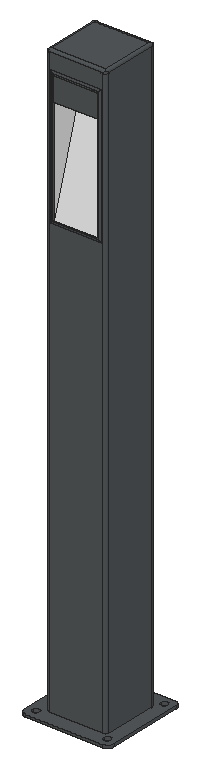
Revit family "svetilnik_alfresco_ar deko_dtu19", category Lighting Fixtures, Revit 2016 (continued)
Definition of nested family "Источник света Ар_Деко"
  Types (5, lengths in mm): name | Photometric Web File | built-in parameter 1150142
             0.0       0.0       0.0       0.0\r\n       0.0       0.0       0.0       0.0       0.0       0.1       0.1       0.1\r\n       0.2       0.2       0.2       0.2       0.2       0.2       0.2       0.2\r\n       0.2       0.2       0.2       0.2       0.2       0.2       0.2       0.2\r\n       0.2       0.2       0.2       0.2       0.2       0.2       0.2       0.2\r\n       0.2       0.2       0.2       0.2       0.2       0.2       0.2       0.2\r\n       0.2       0.2       0.2       0.2       0.2       0.2       0.2       0.2\r\n       0.2       0.2       0.2       0.2       0.2       0.2       0.2       0.2\r\n       0.2       0.2       0.2       0.2       0.2       0.2       0.2       0.2\r\n       0.2       0.2       0.2       0.2       0.2       0.2       0.2       0.2\r\n       0.2       0.2       0.2       0.2       0.2       0.2       0.2       0.2\r\n       0.2       0.2       0.2       0.2       0.2       0.2       0.2       0.2\r\n       0.2       0.2       0.2       0.2       0.2       0.2       0.2       0.2\r\n       0.2       0.2       0.2       0.2       0.2       0.2       0.2       0.2\r\n       0.2       0.2       0.2       0.2       0.2       0.2       0.2       0.2\r\n       0.2       0.2       0.2       0.2       0.2       0.2       0.2       0.2\r\n       0.2       0.2       0.2       0.2       0.2       0.2       0.2       0.2\r\n       0.2       0.2       0.2       0.2       0.2       0.2       0.2       0.2\r\n       0.2       0.2       0.2       0.2       0.2       0.2       0.2       0.2\r\n       0.2       0.2       0.2       0.2       0.2       0.2       0.2       0.2\r\n       0.2       0.2       0.2       0.2       0.2       0.2       0.2       0.2\r\n       0.2       0.2       0.2       0.2       0.2       0.2       0.2       0.2\r\n       0.1       0.1       0.1       0.1       0.1       0.1       0.0       0.0\r\n       0.0       0.0       0.0       0.0       0.0\r\n       0.0       0.0       0.0       0.0       0.1       0.1       0.1       0.1\r\n       0.2       0.2       0.2       0.2       0.2       0.2       0.2       0.2\r\n       0.2       0.2       0.2       0.2       0.2       0.2       0.2       0.2\r\n       0.2       0.2       0.2       0.2       0.2       0.2       0.2       0.2\r\n       0.2       0.2       0.2       0.2       0.2       0.2       0.2       0.2\r\n       0.2       0.2       0.2       0.2       0.2       0.2       0.2       0.2\r\n       0.2       0.2       0.2       0.2       0.2       0.2       0.2       0.2\r\n       0.2       0.2       0.2       0.2       0.2       0.2       0.2       0.2\r\n       0.2       0.2       0.2       0.2       0.2       0.2       0.2       0.2\r\n       0.2       0.2       0.2       0.2       0.2       0.2       0.2       0.2\r\n       0.2       0.2       0.2       0.2       0.2       0.2       0.2       0.2\r\n       0.2       0.2       0.2       0.2       0.2       0.2       0.2       0.2\r\n       0.2       0.2       0.2       0.2       0.2       0.2       0.2       0.2\r\n       0.2       0.2       0.2       0.2       0.2       0.2       0.2       0.2\r\n       0.2       0.2       0.2       0.2       0.2       0.2       0.2       0.2\r\n       0.2       0.2       0.2       0.2       0.2       0.2       0.2       0.2\r\n       0.2       0.2       0.2       0.2       0.2       0.2       0.2       0.2\r\n       0.2       0.2       0.2       0.2       0.2       0.2       0.2       0.2\r\n       0.2       0.2       0.2       0.2       0.2       0.2       0.2       0.2\r\n       0.2       0.2       0.2       0.2       0.2       0.2       0.2       0.2\r\n       0.2       0.2       0.2       0.2       0.2       0.2       0.2       0.2\r\n       0.1       0.1       0.1       0.1       0.1       0.1       0.0       0.0\r\n       0.0       0.0       0.0       0.0       0.0\r\n       0.0       0.0       0.0       0.0       0.1       0.1       0.1       0.1\r\n       0.2       0.2       0.2       0.2       0.2       0.2       0.2       0.2\r\n       0.2       0.2       0.2       0.2       0.2       0.2       0.2       0.2\r\n       0.2       0.2       0.2       0.2       0.2       0.2       0.2       0.2\r\n       0.2       0.2       0.2       0.2       0.2       0.2       0.2       0.2\r\n       0.2       0.2       0.2       0.2       0.2       0.2       0.2       0.2\r\n       0.2       0.2       0.2       0.2       0.2       0.2       0.2       0.2\r\n       0.2       0.2       0.2       0.2       0.2       0.2       0.2       0.2\r\n       0.2       0.2       0.2       0.2       0.2       0.2       0.2       0.2\r\n       0.2       0.2       0.2       0.2       0.2       0.2       0.2       0.2\r\n       0.2       0.2       0.2       0.2       0.2       0.2       0.2       0.2\r\n       0.2       0.2       0.2       0.2       0.2       0.2       0.2       0.2\r\n       0.2       0.2       0.2       0.2       0.2       0.2       0.2       0.2\r\n       0.2       0.2       0.2       0.2       0.2       0.2       0.2       0.2\r\n       0.2       0.2       0.2       0.2       0.2       0.2       0.2       0.2\r\n       0.2       0.2       0.2       0.2       0.2       0.2       0.2       0.2\r\n       0.2       0.2       0.2       0.2       0.2       0.2       0.2       0.2\r\n       0.2       0.2       0.2       0.2       0.2       0.2       0.2       0.2\r\n       0.2       0.2       0.2       0.2       0.2       0.2       0.2       0.2\r\n       0.2       0.2       0.2       0.2       0.2       0.2       0.2       0.2\r\n       0.2       0.2       0.2       0.2       0.2       0.2       0.2       0.2\r\n       0.2       0.2       0.1       0.1       0.1       0.1       0.0       0.0\r\n       0.0       0.0       0.0       0.0       0.0\r\n       0.0       0.0       0.0       0.0       0.1       0.1       0.1       0.1\r\n       0.2       0.2       0.2       0.2       0.2       0.2       0.2       0.2\r\n       0.2       0.2       0.2       0.2       0.2       0.2       0.2       0.2\r\n       0.2       0.2       0.2       0.2       0.2       0.2       0.2       0.2\r\n       0.2       0.2       0.2       0.2       0.2       0.2       0.2       0.2\r\n       0.2       0.2       0.2       0.2       0.2       0.2       0.2       0.2\r\n       0.2       0.2       0.2       0.2       0.2       0.2       0.2       0.2\r\n       0.2       0.2       0.2       0.2       0.2       0.2       0.2       0.2\r\n       0.2       0.2       0.2       0.2       0.2       0.2       0.2       0.2\r\n       0.2       0.2       0.2       0.2       0.2       0.2       0.2       0.2\r\n       0.2       0.2       0.2       0.2       0.2       0.2       0.2       0.2\r\n       0.2       0.2       0.2       0.2       0.2       0.2       0.2       0.2\r\n       0.2       0.2       0.2       0.2       0.2       0.2       0.2       0.2\r\n       0.2       0.2       0.2       0.2       0.2       0.2       0.2       0.2\r\n       0.2       0.2       0.2       0.2       0.2       0.2       0.2       0.2\r\n       0.2       0.2       0.2       0.2       0.2       0.2       0.2       0.2\r\n       0.2       0.2       0.2       0.2       0.2       0.2       0.2       0.2\r\n       0.2       0.2       0.2       0.2       0.2       0.2       0.2       0.2\r\n       0.2       0.2       0.2       0.2       0.2       0.2       0.2       0.2\r\n       0.2       0.2       0.2       0.2       0.2       0.2       0.2       0.2\r\n       0.2       0.2       0.2       0.2       0.2       0.2       0.2       0.2\r\n       0.2       0.2       0.1       0.1       0.1       0.1       0.0       0.0\r\n       0.0       0.0       0.0       0.0       0.0\r\n       0.0       0.0       0.0       0.1       0.1       0.1       0.1       0.1\r\n       0.2       0.2       0.2       0.2       0.2       0.2       0.2       0.2\r\n       0.2       0.2       0.2       0.2       0.2       0.2       0.2       0.2\r\n       0.2       0.2       0.2       0.2       0.2       0.2       0.2       0.2\r\n       0.2       0.2       0.2       0.2       0.2       0.2       0.2       0.2\r\n       0.2       0.2       0.2       0.2       0.2       0.2       0.2       0.2\r\n       0.2       0.2       0.2       0.2       0.2       0.2       0.2       0.2\r\n       0.2       0.2       0.2       0.2       0.2       0.2       0.2       0.2\r\n       0.2       0.2       0.2       0.2       0.2       0.2       0.2       0.2\r\n       0.2       0.2       0.2       0.2       0.2       0.2       0.2       0.2\r\n       0.2       0.2       0.2       0.2       0.2       0.2       0.2       0.2\r\n       0.2       0.2       0.2       0.2       0.2       0.2       0.2       0.2\r\n       0.2       0.2       0.2       0.2       0.2       0.2       0.2       0.2\r\n       0.2       0.2       0.2       0.2       0.2       0.2       0.2       0.2\r\n       0.2       0.2       0.2       0.2       0.2       0.2       0.2       0.2\r\n       0.2       0.2       0.2       0.2       0.2       0.2       0.2       0.2\r\n       0.2       0.2       0.2       0.2       0.2       0.2       0.2       0.2\r\n       0.2       0.2       0.2       0.2       0.2       0.2       0.2       0.2\r\n       0.2       0.2       0.2       0.2       0.2       0.2       0.2       0.2\r\n       0.2       0.2       0.2       0.2       0.2       0.2       0.2       0.2\r\n       0.2       0.2       0.2       0.2       0.2       0.2       0.2       0.2\r\n       0.2       0.2       0.1       0.1       0.1       0.1       0.0       0.0\r\n       0.0       0.0       0.0       0.0       0.0\r\n       0.0       0.0       0.0       0.1       0.1       0.1       0.1       0.1\r\n       0.2       0.2       0.2       0.2       0.2       0.2       0.2       0.2\r\n       0.2       0.2       0.2       0.2       0.2       0.2       0.2       0.2\r\n       0.2       0.2       0.2       0.2       0.2       0.2       0.2       0.2\r\n       0.2       0.2       0.2       0.2       0.2       0.2       0.2       0.2\r\n       0.2       0.2       0.2       0.2       0.2       0.2       0.2       0.2\r\n       0.2       0.2       0.2       0.2       0.2       0.2       0.2       0.2\r\n       0.2       0.2       0.2       0.2       0.2       0.2       0.2       0.2\r\n       0.2       0.2       0.2       0.2       0.2       0.2       0.2       0.2\r\n       0.2       0.2       0.2       0.2       0.2       0.2       0.2       0.2\r\n       0.2       0.2       0.2       0.2       0.2       0.2       0.2       0.2\r\n       0.2       0.2       0.2       0.2       0.2       0.2       0.2       0.2\r\n       0.2       0.2       0.2       0.2       0.2       0.2       0.2       0.2\r\n       0.2       0.2       0.2       0.2       0.2       0.2       0.2       0.2\r\n       0.2       0.2       0.2       0.2       0.2       0.2       0.2       0.2\r\n       0.2       0.2       0.2       0.2       0.2       0.2       0.2       0.2\r\n       0.2       0.2       0.2       0.2       0.2       0.2       0.2       0.2\r\n       0.2       0.2       0.2       0.2       0.2       0.2       0.2       0.2\r\n       0.2       0.2       0.2       0.2       0.2       0.2       0.2       0.2\r\n       0.2       0.2       0.2       0.2       0.2       0.2       0.2       0.2\r\n       0.2       0.2       0.2       0.2       0.2       0.2       0.2       0.2\r\n       0.2       0.2       0.1       0.1       0.1       0.1       0.0       0.0\r\n       0.0       0.0       0.0       0.0       0.0\r\n       0.0       0.0       0.0       0.1       0.1       0.1       0.1       0.1\r\n       0.2       0.2       0.2       0.2       0.2       0.2       0.2       0.2\r\n       0.2       0.2       0.2       0.2       0.2       0.2       0.2       0.2\r\n       0.2       0.2       0.2       0.2       0.2       0.2       0.2       0.2\r\n       0.2       0.2       0.2       0.2       0.2       0.2       0.2       0.2\r\n       0.2       0.2       0.2       0.2       0.2       0.2       0.2       0.2\r\n       0.2       0.2       0.2       0.2       0.2       0.2       0.2       0.2\r\n       0.2       0.2       0.2       0.2       0.2       0.2       0.2       0.2\r\n       0.2       0.2       0.2       0.2       0.2       0.2       0.2       0.2\r\n       0.2       0.2       0.2       0.2       0.2       0.2       0.2       0.2\r\n       0.2       0.2       0.2       0.2       0.2       0.2       0.2       0.2\r\n       0.2       0.2       0.2       0.2       0.2       0.2       0.2       0.2\r\n       0.2       0.2       0.2       0.2       0.2       0.2       0.2       0.2\r\n       0.2       0.2       0.2       0.2       0.2       0.2       0.2       0.2\r\n       0.2       0.2       0.2       0.2       0.2       0.2       0.2       0.2\r\n       0.2       0.2       0.2       0.2       0.2       0.2       0.2       0.2\r\n       0.2       0.2       0.2       0.2       0.2       0.2       0.2       0.2\r\n       0.2       0.2       0.2       0.2       0.2       0.2       0.2       0.2\r\n       0.2       0.2       0.2       0.2       0.2       0.2       0.2       0.2\r\n       0.2       0.2       0.2       0.2       0.2       0.2       0.2       0.2\r\n       0.2       0.2       0.2       0.2       0.2       0.2       0.2       0.2\r\n       0.2       0.2       0.1       0.1       0.1       0.1       0.0       0.0\r\n       0.0       0.0       0.0       0.0       0.0\r\n       0.0       0.0       0.0       0.1       0.1       0.1       0.1       0.1\r\n       0.2       0.2       0.2       0.2       0.2       0.2       0.2       0.2\r\n       0.2       0.2       0.2       0.2       0.2       0.2       0.2       0.2\r\n       0.3       0.3       0.2       0.2       0.2       0.2       0.2       0.2\r\n       0.2       0.2       0.2       0.2       0.2       0.2       0.2       0.2\r\n       0.2       0.2       0.2       0.2       0.2       0.2       0.2       0.2\r\n       0.2       0.2       0.2       0.2       0.2       0.2       0.2       0.2\r\n       0.2       0.2       0.2       0.2       0.2       0.2       0.2       0.2\r\n       0.2       0.2       0.2       0.2       0.2       0.2       0.2       0.2\r\n       0.2       0.2       0.2       0.2       0.2       0.2       0.2       0.2\r\n       0.2       0.2       0.2       0.2       0.2       0.2       0.2       0.2\r\n       0.2       0.2       0.2       0.2       0.2       0.2       0.2       0.2\r\n       0.2       0.2       0.2       0.2       0.2       0.2       0.2       0.2\r\n       0.2       0.2       0.2       0.2       0.2       0.2       0.2       0.2\r\n       0.2       0.2       0.2       0.2       0.2       0.2       0.2       0.2\r\n       0.2       0.2       0.2       0.2       0.2       0.2       0.2       0.2\r\n       0.2       0.2       0.2       0.2       0.2       0.2       0.2       0.2\r\n       0.2       0.2       0.2       0.2       0.2       0.2       0.2       0.2\r\n       0.2       0.2       0.2       0.2       0.2       0.2       0.2       0.2\r\n       0.2       0.2       0.2       0.2       0.2       0.2       0.2       0.2\r\n       0.2       0.2       0.2       0.2       0.2       0.2       0.2       0.2\r\n       0.2       0.2       0.2       0.1       0.1       0.1       0.0       0.0\r\n       0.0       0.0       0.0       0.0       0.0\r\n       0.0       0.0       0.0       0.1       0.1       0.1       0.1       0.1\r\n       0.2       0.2       0.2       0.2       0.2       0.2       0.2       0.2\r\n       0.2       0.2       0.2       0.2       0.2       0.2       0.2       0.2\r\n       0.3       0.3       0.2       0.2       0.2       0.2       0.2       0.2\r\n       0.2       0.2       0.2       0.2       0.2       0.2       0.2       0.2\r\n       0.2       0.2       0.2       0.2       0.2       0.2       0.2       0.2\r\n       0.2       0.2       0.2       0.2       0.2       0.2       0.2       0.2\r\n       0.2       0.2       0.2       0.2       0.2       0.2       0.2       0.2\r\n       0.2       0.2       0.2       0.2       0.2       0.2       0.2       0.2\r\n       0.2       0.2       0.2       0.2       0.2       0.2       0.2       0.2\r\n       0.2       0.2       0.2       0.2       0.2       0.2       0.2       0.2\r\n       0.2       0.2       0.2       0.2       0.2       0.2       0.2       0.2\r\n       0.2       0.2       0.2       0.2       0.2       0.2       0.2       0.2\r\n       0.2       0.2       0.2       0.2    
         0.2       0.2       0.2       0.2\r\n       0.2       0.2       0.2       0.2       0.2       0.2       0.2       0.2\r\n       0.2       0.2       0.2       0.2       0.2       0.2       0.2       0.2\r\n       0.2       0.2       0.2       0.2       0.2       0.2       0.2       0.2\r\n       0.2       0.2       0.2       0.2       0.2       0.2       0.2       0.2\r\n       0.2       0.2       0.2       0.2       0.2       0.2       0.2       0.2\r\n       0.2       0.2       0.2       0.2       0.2       0.2       0.2       0.2\r\n       0.2       0.2       0.2       0.2       0.2       0.2       0.2       0.2\r\n       0.2       0.2       0.2       0.1       0.1       0.1       0.0       0.0\r\n       0.0       0.0       0.0       0.0       0.0\r\n       0.0       0.0       0.0       0.1       0.1       0.1       0.1       0.1\r\n       0.2       0.2       0.2       0.2       0.2       0.2       0.2       0.2\r\n       0.2       0.2       0.2       0.2       0.2       0.2       0.2       0.2\r\n       0.2       0.2       0.2       0.2       0.2       0.2       0.2       0.2\r\n       0.2       0.2       0.2       0.2       0.2       0.2       0.2       0.2\r\n       0.2       0.2       0.2       0.2       0.2       0.2       0.2       0.2\r\n       0.2       0.2       0.2       0.2       0.2       0.2       0.2       0.2\r\n       0.2       0.2       0.2       0.2       0.2       0.2       0.2       0.2\r\n       0.2       0.2       0.2       0.2       0.2       0.2       0.2       0.2\r\n       0.2       0.2       0.2       0.2       0.2       0.2       0.2       0.2\r\n       0.2       0.2       0.2       0.2       0.2       0.2       0.2       0.2\r\n       0.2       0.2       0.2       0.2       0.2       0.2       0.2       0.2\r\n       0.2       0.2       0.2       0.2       0.2       0.2       0.2       0.2\r\n       0.2       0.2       0.2       0.2       0.2       0.2       0.2       0.2\r\n       0.2       0.2       0.2       0.2       0.2       0.2       0.2       0.2\r\n       0.2       0.2       0.2       0.2       0.2       0.2       0.2       0.2\r\n       0.2       0.2       0.2       0.2       0.2       0.2       0.2       0.2\r\n       0.2       0.2       0.2       0.2       0.2       0.2       0.2       0.2\r\n       0.2       0.2       0.2       0.2       0.2       0.2       0.2       0.2\r\n       0.2       0.2       0.2       0.2       0.2       0.2       0.2       0.2\r\n       0.2       0.2       0.2       0.2       0.2       0.2       0.2       0.2\r\n       0.2       0.2       0.2       0.1       0.1       0.1       0.0       0.0\r\n       0.0       0.0       0.0       0.0       0.0\r\n       0.0       0.0       0.0       0.1       0.1       0.1       0.1       0.1\r\n       0.2       0.2       0.2       0.2       0.2       0.2       0.2       0.2\r\n       0.2       0.2       0.2       0.2       0.2       0.2       0.2       0.2\r\n       0.2       0.2       0.2       0.2       0.2       0.2       0.2       0.2\r\n       0.2       0.2       0.2       0.2       0.2       0.2       0.2       0.2\r\n       0.2       0.2       0.2       0.2       0.2       0.2       0.2       0.2\r\n       0.2       0.2       0.2       0.2       0.2       0.2       0.2       0.2\r\n       0.2       0.2       0.2       0.2       0.2       0.2       0.2       0.2\r\n       0.2       0.2       0.2       0.2       0.2       0.2       0.2       0.2\r\n       0.2       0.2       0.3       0.3       0.2       0.2       0.2       0.2\r\n       0.2       0.2       0.2       0.2       0.2       0.2       0.2       0.2\r\n       0.2       0.2       0.2       0.2       0.2       0.2       0.2       0.2\r\n       0.2       0.2       0.2       0.2       0.2       0.2       0.2       0.2\r\n       0.2       0.2       0.2       0.2       0.2       0.2       0.2       0.2\r\n       0.2       0.2       0.2       0.2       0.2       0.2       0.2       0.2\r\n       0.2       0.2       0.2       0.2       0.2       0.2       0.2       0.2\r\n       0.2       0.2       0.2       0.2       0.2       0.2       0.2       0.2\r\n       0.2       0.2       0.2       0.2       0.2       0.2       0.2       0.2\r\n       0.2       0.2       0.2       0.2       0.2       0.2       0.2       0.2\r\n       0.2       0.2       0.2       0.2       0.2       0.2       0.2       0.2\r\n       0.2       0.2       0.2       0.2       0.2       0.2       0.2       0.2\r\n       0.2       0.2       0.2       0.1       0.1       0.1       0.0       0.0\r\n       0.0       0.0       0.0       0.0       0.0\r\n       0.0       0.0       0.0       0.1       0.1       0.1       0.1       0.1\r\n       0.2       0.2       0.2       0.2       0.2       0.2       0.2       0.2\r\n       0.2       0.2       0.2       0.2       0.2       0.2       0.2       0.2\r\n       0.2       0.2       0.2       0.2       0.2       0.2       0.2       0.2\r\n       0.2       0.2       0.2       0.2       0.2       0.2       0.2       0.2\r\n       0.2       0.2       0.2       0.2       0.2       0.2       0.2       0.2\r\n       0.2       0.2       0.2       0.2       0.2       0.2       0.2       0.2\r\n       0.2       0.2       0.2       0.2       0.2       0.2       0.2       0.2\r\n       0.2       0.2       0.2       0.2       0.2       0.2       0.2       0.2\r\n       0.2       0.2       0.2       0.2       0.2       0.2       0.2       0.2\r\n       0.2       0.2       0.2       0.2       0.2       0.2       0.2       0.2\r\n       0.2       0.2       0.2       0.2       0.2       0.2       0.2       0.2\r\n       0.2       0.2       0.2       0.2       0.2       0.2       0.2       0.2\r\n       0.2       0.2       0.2       0.2       0.2       0.2       0.2       0.2\r\n       0.2       0.2       0.2       0.2       0.2       0.2       0.2       0.2\r\n       0.2       0.2       0.2       0.2       0.2       0.2       0.2       0.2\r\n       0.2       0.2       0.2       0.2       0.2       0.2       0.2       0.2\r\n       0.2       0.2       0.2       0.2       0.2       0.2       0.2       0.2\r\n       0.2       0.2       0.2       0.2       0.2       0.2       0.2       0.2\r\n       0.2       0.2       0.2       0.2       0.2       0.2       0.2       0.2\r\n       0.2       0.2       0.2       0.2       0.2       0.2       0.2       0.2\r\n       0.2       0.2       0.2       0.1       0.1       0.1       0.0       0.0\r\n       0.0       0.0       0.0       0.0       0.0\r\n       0.0       0.0       0.1       0.1       0.1       0.1       0.1       0.1\r\n       0.2       0.2       0.2       0.2       0.2       0.2       0.2       0.2\r\n       0.2       0.2       0.2       0.2       0.2       0.2       0.2       0.2\r\n       0.2       0.2       0.2       0.2       0.2       0.2       0.2       0.2\r\n       0.2       0.2       0.2       0.2       0.2       0.2       0.2       0.2\r\n       0.2       0.2       0.2       0.2       0.2       0.2       0.2       0.2\r\n       0.2       0.2       0.2       0.2       0.2       0.2       0.2       0.2\r\n       0.2       0.2       0.2       0.2       0.2       0.2       0.2       0.2\r\n       0.2       0.2       0.2       0.2       0.2       0.2       0.2       0.2\r\n       0.2       0.2       0.2       0.2       0.2       0.2       0.2       0.2\r\n       0.2       0.2       0.2       0.2       0.2       0.2       0.2       0.2\r\n       0.2       0.2       0.2       0.2       0.2       0.2       0.2       0.2\r\n       0.2       0.2       0.2       0.2       0.2       0.2       0.2       0.2\r\n       0.2       0.2       0.2       0.2       0.2       0.2       0.2       0.2\r\n       0.2       0.2       0.2       0.2       0.2       0.2       0.2       0.2\r\n       0.2       0.2       0.2       0.2       0.2       0.2       0.2       0.2\r\n       0.2       0.2       0.2       0.2       0.2       0.2       0.2       0.2\r\n       0.2       0.2       0.2       0.2       0.2       0.2       0.2       0.2\r\n       0.2       0.2       0.2       0.2       0.2       0.2       0.2       0.2\r\n       0.2       0.2       0.2       0.2       0.2       0.2       0.2       0.2\r\n       0.2       0.2       0.2       0.2       0.2       0.2       0.2       0.2\r\n       0.2       0.2       0.2       0.1       0.1       0.1       0.0       0.0\r\n       0.0       0.0       0.0       0.0       0.0\r\n       0.0       0.0       0.1       0.1       0.1       0.1       0.1       0.1\r\n       0.2       0.2       0.2       0.2       0.2       0.2       0.2       0.2\r\n       0.2       0.2       0.2       0.2       0.2       0.2       0.2       0.2\r\n       0.2       0.2       0.2       0.2       0.2       0.2       0.2       0.2\r\n       0.2       0.2       0.2       0.2       0.2       0.2       0.2       0.2\r\n       0.2       0.2       0.2       0.2       0.2       0.2       0.2       0.2\r\n       0.2       0.2       0.2       0.2       0.2       0.2       0.2       0.2\r\n       0.2       0.2       0.2       0.2       0.2       0.2       0.2       0.2\r\n       0.2       0.2       0.2       0.2       0.2       0.2       0.2       0.2\r\n       0.2       0.2       0.2       0.2       0.2       0.2       0.2       0.2\r\n       0.2       0.2       0.2       0.2       0.2       0.2       0.2       0.2\r\n       0.2       0.2       0.2       0.2       0.2       0.2       0.2       0.2\r\n       0.2       0.2       0.2       0.2       0.2       0.2       0.2       0.2\r\n       0.2       0.2       0.2       0.2       0.2       0.2       0.2       0.2\r\n       0.2       0.2       0.2       0.2       0.2       0.2       0.2       0.2\r\n       0.2       0.2       0.2       0.2       0.2       0.2       0.2       0.2\r\n       0.2       0.2       0.2       0.2       0.2       0.2       0.2       0.2\r\n       0.2       0.2       0.2       0.2       0.2       0.2       0.2       0.2\r\n       0.2       0.2       0.2       0.2       0.2       0.2       0.2       0.2\r\n       0.2       0.2       0.2       0.2       0.2       0.2       0.2       0.2\r\n       0.2       0.2       0.2       0.2       0.2       0.2       0.2       0.2\r\n       0.2       0.2       0.2       0.1       0.1       0.1       0.0       0.0\r\n       0.0       0.0       0.0       0.0       0.0\r\n       0.0       0.0       0.1       0.1       0.1       0.1       0.1       0.1\r\n       0.2       0.2       0.2       0.2       0.2       0.2       0.2       0.2\r\n       0.2       0.2       0.2       0.2       0.2       0.2       0.2       0.2\r\n       0.2       0.2       0.2       0.2       0.2       0.2       0.2       0.2\r\n       0.2       0.2       0.2       0.2       0.2       0.2       0.2       0.2\r\n       0.2       0.2       0.2       0.2       0.2       0.2       0.2       0.2\r\n       0.2       0.2       0.2       0.2       0.2       0.2       0.2       0.2\r\n       0.2       0.2       0.2       0.2       0.2       0.2       0.2       0.2\r\n       0.2       0.2       0.2       0.2       0.2       0.2       0.2       0.2\r\n       0.2       0.2       0.2       0.2       0.2       0.2       0.2       0.2\r\n       0.2       0.2       0.2       0.2       0.2       0.2       0.2       0.2\r\n       0.2       0.2       0.2       0.2       0.3       0.2       0.2       0.2\r\n       0.2       0.2       0.2       0.2       0.2       0.3       0.2       0.2\r\n       0.2       0.2       0.2       0.2       0.2       0.2       0.2       0.2\r\n       0.2       0.2       0.2       0.2       0.2       0.2       0.2       0.2\r\n       0.2       0.2       0.2       0.2       0.2       0.2       0.2       0.2\r\n       0.2       0.2       0.2       0.2       0.2       0.2       0.2       0.2\r\n       0.2       0.2       0.2       0.2       0.2       0.2       0.2       0.2\r\n       0.2       0.2       0.2       0.2       0.2       0.2       0.2       0.2\r\n       0.2       0.2       0.2       0.2       0.2       0.2       0.2       0.2\r\n       0.2       0.2       0.2       0.2       0.2       0.2       0.2       0.2\r\n       0.2       0.2       0.2       0.1       0.1       0.1       0.0       0.0\r\n       0.0       0.0       0.0       0.0       0.0\r\n       0.0       0.0       0.1       0.1       0.1       0.1       0.1       0.1\r\n       0.2       0.2       0.2       0.2       0.2       0.2       0.2       0.2\r\n       0.2       0.2       0.2       0.2       0.2       0.2       0.2       0.2\r\n       0.2       0.2       0.2       0.2       0.2       0.2       0.2       0.2\r\n       0.2       0.2       0.2       0.2       0.2       0.2       0.2       0.2\r\n       0.3       0.3       0.2       0.2       0.2       0.2       0.2       0.2\r\n       0.2       0.2       0.2       0.2       0.2       0.2       0.2       0.2\r\n       0.2       0.2       0.2       0.2       0.2       0.2       0.2       0.2\r\n       0.2       0.2       0.2       0.2       0.2       0.2       0.2       0.2\r\n       0.2       0.2       0.2       0.2       0.2       0.2       0.2       0.2\r\n       0.2       0.2       0.2       0.2       0.2       0.2       0.2       0.2\r\n       0.2       0.2       0.2       0.2       0.2       0.2       0.2       0.2\r\n       0.2       0.2       0.2       0.2       0.2       0.2       0.2       0.2\r\n       0.2       0.2       0.2       0.2       0.2       0.2       0.2       0.2\r\n       0.2       0.2       0.2       0.2       0.2       0.2       0.2       0.2\r\n       0.2       0.2       0.2       0.2       0.2       0.2       0.2       0.2\r\n       0.2       0.2       0.2       0.2       0.2       0.2       0.2       0.2\r\n       0.2       0.2       0.2       0.2       0.2       0.2       0.2       0.2\r\n       0.2       0.2       0.2       0.2       0.2       0.2       0.2       0.2\r\n       0.2       0.2       0.2       0.2       0.2       0.2       0.2       0.2\r\n       0.2       0.2       0.2       0.2       0.2       0.2       0.2       0.2\r\n       0.2       0.2       0.2       0.1       0.1       0.1       0.0       0.0\r\n       0.0       0.0       0.0       0.0       0.0\r\n       0.0       0.0       0.1       0.1       0.1       0.1       0.1       0.1\r\n       0.2       0.2       0.2       0.2       0.2       0.2       0.2       0.2\r\n       0.2       0.2       0.2       0.2       0.2       0.2       0.2       0.2\r\n       0.2       0.2       0.2       0.2       0.2       0.2       0.2       0.2\r\n       0.2       0.2       0.2       0.2       0.2       0.2       0.2       0.2\r\n       0.3       0.3       0.2       0.2       0.2       0.2       0.2       0.2\r\n       0.2       0.2       0.2       0.2       0.2       0.2       0.2       0.2\r\n       0.2       0.2       0.2       0.2       0.2       0.2       0.2       0.2\r\n       0.2       0.2       0.2       0.2       0.2       0.2       0.2       0.2\r\n       0.2       0.2       0.2       0.2       0.2       0.2       0.2       0.2\r\n       0.2       0.2       0.2       0.2       0.2       0.2       0.2       0.2\r\n       0.2       0.2       0.2       0.2       0.2       0.2       0.2       0.2\r\n       0.2       0.2       0.2       0.2       0.2       0.2       0.2       0.2\r\n       0.2       0.2       0.2       0.2       0.2       0.2       0.2       0.2\r\n       0.2       0.2       0.2       0.2       0.2       0.2       0.2       0.2\r\n       0.2       0.2       0.2       0.2       0.2       0.2       0.2       0.2\r\n       0.2       0.2       0.2       0.2       0.2       0.2       0.2       0.2\r\n       0.2       0.2       0.2       0.2       0.2       0.2       0.2       0.2\r\n       0.2       0.2       0.2       0.2       0.2       0.2       0.2       0.2\r\n       0.2       0.2       0.2       0.2       0.2       0.2       0.2       0.2\r\n       0.2       0.2       0.2       0.2       0.2       0.2       0.2       0.2\r\n       0.2       0.2       0.2       0.1       0.1       0.1       0.0       0.0\r\n       0.0       0.0       0.0       0.0       0.0\r\n       0.0       0.0       0.1       0.1       0.1       0.1       0.1       0.1\r\n       0.2       0.2       0.2       0.2       0.2       0.2       0.2       0.2\r\n       0.2       0.2       0.2       0.2       0.2       0.2       0.2       0.2\r\n       0.2       0.2       0.2       0.2       0.2       0.2       0.2       0.2\r\n       0.2       0.2       0.2       0.2       0.2       0.2       0.2       0
